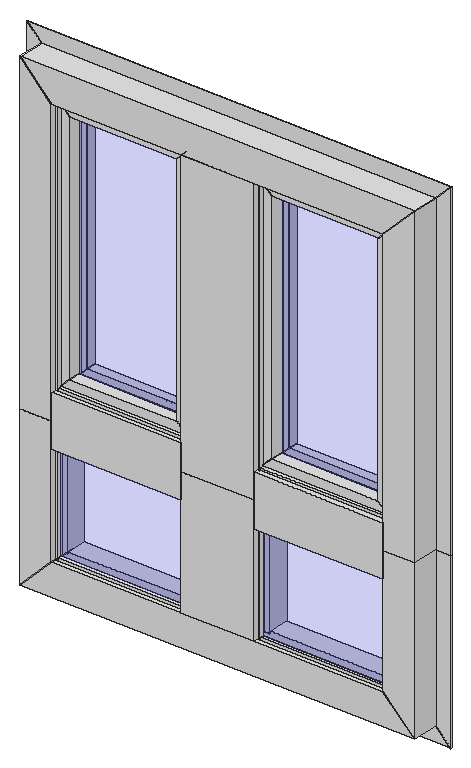
Revit family "511_CC-AT_nailfin", category Windows, host Wall, Revit 2016
Family settings
  Host = Wall
  OmniClass Number = 23.30.20.00
  OmniClass Title = Windows
  Always vertical = Yes
  Cut with Voids When Loaded = No
  Shared = No
  Room Calculation Point = No
Parameters (values of type "30x36")
  VBS = 1 / 2 * Width  # 15"
  MLW3 = 1 / 8 * (Height - HBS)  # 1 1/2"
  MLW2 = 2.844"
  MLW1 = 3.281"
  MLH = 1 / 2 * HBS  # 12"
  Interior Color [instance] = White
  Height = 36"
  HBS = 24"
  Exterior Color [instance] = White
  Default Sill Height = 31.49606"
  Wall Closure = By host
  Width = 30"
Reference planes (in)
  plane 1 "Center (Front/Back)": y = 0
  plane 2 "Center (Left/Right)": x = 0
  plane 3 "Left": x = -15
  plane 4 "Right": x = 15
  plane 5 "Sill": z = 31.49606
  plane 6 "Head": z = 67.49606
  plane 7 "Exterior": y = 3.93701
  plane 8 "Interior": y = -3.93701
  plane 9 "Front of wall": y = 3.93701
  plane 10 "HBS": z = 43.49606
  plane 11 "VBS": x = 0
  plane 12: x = -12.2505
  plane 13: x = -3.12012
  plane 14: x = 3.12688
  plane 15: x = 12.2515
  plane 16: x = -2.438
  plane 17: x = 2.436
  plane 18: x = -12.939
  plane 19: x = 12.938
  plane 20: z = 33.55906
  plane 21: z = 41.87406
  plane 22: z = 45.83806
  plane 23: z = 64.71506
  plane 24: x = -11.7505
  plane 25: x = -3.62112
  plane 26: x = 3.62788
  plane 27: x = 11.7505
  plane 28 "Front of glass": y = 4.19401
Forms (in)
  Extrusion 1, solid, material "White" <- "Interior Color"
    sketch origin (0, 0, 67.49606) x (0, -1, 0) y (1, 0, 0)
      loop
        line (-5.10257, -14.98) -> (-5.07401, -15) -> (-4.01201, -15) -> (-4.01201, -16.125) -> (-3.93701, -16.125) -> (-3.93701, -15) -> (-1.88701, -15) -> (-1.88701, -12.625) -> (-2.26201, -12.625) -> (-2.26201, -12.437) -> (-2.56201, -12.437) -> (-2.56201, -11.7505) -> (-3.44951, -11.7505) -> (-3.44951, -12.2505) -> (-4.19401, -12.2505) -> (-4.19401, -11.7882) -> (-4.23201, -11.8125) -> (-4.97201, -11.8125) -> (-4.97201, -12.3755) -> (-5.01201, -12.3755) -> (-5.01201, -14.37911) -> (-5.38701, -14.43181) -> (-5.38701, -15.02) -> (-5.26201, -15.02) -> (-5.26201, -14.98) -> (-5.10257, -14.98)
    from 1.125 to -24
  Extrusion 2, solid, material "White" <- "Interior Color"
    sketch origin (0, 0, 67.49606) x (0, -1, 0) y (1, 0, 0)
      loop
        line (-5.01201, -0.99251) -> (-5.01201, -2.99612) -> (-4.97201, -3.02375) -> (-4.97201, -3.55912) -> (-4.23201, -3.55912) -> (-4.19401, -3.58342) -> (-4.19401, -3.12012) -> (-3.44951, -3.12012) -> (-3.44951, -3.62112) -> (-2.56201, -3.62112) -> (-2.56201, -2.93462) -> (-2.26201, -2.93462) -> (-2.26201, -2.74662) -> (-1.88701, -2.74662) -> (-1.88701, 2.75338) -> (-2.26201, 2.75338) -> (-2.26201, 2.94138) -> (-2.56201, 2.94138) -> (-2.56201, 3.62788) -> (-3.44951, 3.62788) -> (-3.44951, 3.12688) -> (-4.19401, 3.12688) -> (-4.19401, 3.59018) -> (-4.23201, 3.56588) -> (-4.97201, 3.56588) -> (-4.97201, 3.00288) -> (-5.01201, 3.00288) -> (-5.01201, 0.99927) -> (-5.38701, 0.94657) -> (-5.38701, -0.94657) -> (-5.01201, -0.99251)
    from -24 to 0
  Extrusion 3, solid, material "White" <- "Interior Color"
    sketch origin (0, 0, 67.49606) x (0, -1, 0) y (1, 0, 0)
      loop
        line (-5.10865, 14.98) -> (-5.26201, 14.98) -> (-5.26201, 15.02) -> (-5.38701, 15.02) -> (-5.38701, 14.43181) -> (-5.01201, 14.37911) -> (-5.01201, 12.3755) -> (-4.97201, 12.34787) -> (-4.97201, 11.8125) -> (-4.23201, 11.8125) -> (-4.19401, 11.7882) -> (-4.19401, 12.2515) -> (-3.44951, 12.2515) -> (-3.44951, 11.7505) -> (-2.51251, 11.7505) -> (-2.51251, 12.437) -> (-2.26201, 12.437) -> (-2.26201, 12.625) -> (-1.88701, 12.625) -> (-1.88701, 15) -> (-3.93701, 15) -> (-3.93701, 16.125) -> (-4.01201, 16.125) -> (-4.01201, 15) -> (-5.07401, 15) -> (-5.10865, 14.98)
    from 1.125 to -24
  Extrusion 4, solid, material "White" <- "Interior Color"
    sketch origin (0, 0, 31.49606) x (0, -1, 0) y (1, 0, 0)
      loop
        line (-5.10257, -14.98) -> (-5.07401, -15) -> (-4.01201, -15) -> (-4.01201, -16.125) -> (-3.93701, -16.125) -> (-3.93701, -15) -> (-1.88701, -15) -> (-1.88701, -12.625) -> (-2.26201, -12.625) -> (-2.26201, -12.437) -> (-2.51251, -12.439) -> (-2.51251, -12.939) -> (-3.25701, -12.939) -> (-3.25701, -12.43565) -> (-4.78995, -12.43565) -> (-4.78995, -14.3479) -> (-5.38701, -14.43181) -> (-5.38701, -15.02) -> (-5.26201, -15.02) -> (-5.26201, -14.98) -> (-5.10257, -14.98)
    from -1.125 to 12
  Extrusion 5, solid, material "White" <- "Interior Color"
    sketch origin (0, 0, 31.49606) x (0, -1, 0) y (1, 0, 0)
      loop
        line (-4.78995, -1.0271) -> (-4.78995, -2.94135) -> (-3.25701, -2.94135) -> (-3.25701, -2.438) -> (-2.51251, -2.438) -> (-2.51251, -2.938) -> (-2.26201, -2.938) -> (-2.26201, -2.75) -> (-1.88701, -2.75) -> (-1.88701, 2.75) -> (-2.26201, 2.74879) -> (-2.26201, 2.938) -> (-2.51251, 2.936) -> (-2.51251, 2.436) -> (-3.25701, 2.436) -> (-3.25701, 2.93935) -> (-4.78987, 2.93935) -> (-4.78987, 1.02711) -> (-5.38701, 0.94319) -> (-5.38701, -0.94319) -> (-4.78995, -1.0271)
    from 12 to 0
  Extrusion 6, solid, material "White" <- "Interior Color"
    sketch origin (0, 0, 31.49606) x (0, -1, 0) y (1, 0, 0)
      loop
        line (-5.1169, 14.98) -> (-5.26201, 14.98) -> (-5.26201, 15.02) -> (-5.38701, 15.02) -> (-5.38701, 14.43181) -> (-4.78995, 14.3479) -> (-4.78995, 12.43365) -> (-3.25701, 12.43365) -> (-3.25701, 12.938) -> (-2.51251, 12.938) -> (-2.51251, 12.437) -> (-2.26201, 12.437) -> (-2.26201, 12.625) -> (-1.88701, 12.625) -> (-1.88701, 15) -> (-3.93701, 15) -> (-3.93701, 16.125) -> (-4.01201, 16.125) -> (-4.01201, 15) -> (-5.07401, 15) -> (-5.1169, 14.98)
    from -1.125 to 12
  Extrusion 7, solid, material "White" <- "Interior Color"
    sketch origin (0, 0, 0) x (0, 1, 0) y (0, 0, 1)
      loop
        line (5.10865, 31.51606) -> (5.26201, 31.51606) -> (5.26201, 31.47606) -> (5.38701, 31.47606) -> (5.38701, 32.06425) -> (4.78987, 32.14817) -> (4.78987, 34.06228) -> (3.25701, 34.06228) -> (3.25701, 33.55906) -> (2.51251, 33.55906) -> (2.51251, 34.05906) -> (2.26201, 34.05906) -> (2.26201, 33.87106) -> (1.88701, 33.87106) -> (1.88701, 31.49606) -> (3.93701, 31.49606) -> (3.93701, 30.37106) -> (4.01201, 30.37106) -> (4.01201, 31.49606) -> (5.07401, 31.49606) -> (5.10865, 31.51606)
    from -16.125 to 16.125
  Extrusion 8, solid, material "White" <- "Interior Color"
    sketch origin (0, 0, 0) x (0, 1, 0) y (0, 0, 1)
      loop
        line (1.88701, 45.43406) -> (1.88701, 41.56006) -> (2.26201, 41.56006) -> (2.26201, 41.37071) -> (2.51251, 41.37071) -> (2.51251, 41.87406) -> (3.25701, 41.87406) -> (3.25701, 41.37071) -> (4.78995, 41.37071) -> (4.78995, 43.28297) -> (5.30701, 43.35563) -> (5.30701, 43.6365) -> (5.01201, 43.67995) -> (5.01201, 45.71506) -> (4.97201, 45.71506) -> (4.97201, 46.27806) -> (4.23201, 46.27806) -> (4.19401, 46.30236) -> (4.19401, 45.83806) -> (3.44951, 45.83806) -> (3.44951, 46.27806) -> (2.56201, 46.27806) -> (2.56201, 45.62206) -> (2.26201, 45.62206) -> (2.26201, 45.43406) -> (1.88701, 45.43406)
    from 15 to -15
  Extrusion 9, solid, material "White" <- "Interior Color"
    sketch origin (0, 0, 0) x (0, 1, 0) y (0, 0, 1)
      loop
        line (5.10257, 67.47606) -> (5.07401, 67.49606) -> (4.01201, 67.49606) -> (4.01201, 68.62106) -> (3.93701, 68.62106) -> (3.93701, 67.49606) -> (1.88701, 67.49606) -> (1.88701, 65.12106) -> (2.26201, 65.12106) -> (2.26201, 64.93306) -> (2.56201, 64.93306) -> (2.56201, 64.21506) -> (3.44951, 64.21506) -> (3.44951, 64.71506) -> (4.19401, 64.71506) -> (4.19401, 64.25274) -> (4.23197, 64.27697) -> (4.97201, 64.27697) -> (4.97201, 64.84006) -> (5.01201, 64.84006) -> (5.01201, 66.87528) -> (5.38701, 66.92787) -> (5.38701, 67.51606) -> (5.26201, 67.51606) -> (5.26201, 67.47606) -> (5.10257, 67.47606)
    from -16.125 to 16.125
  Sweep 10, void
    path in 3D
      loop
        line (13.17075, 10.88071, 67.49606) -> (13.17075, 3.93701, 67.49606)
    profile origin (13.17075, 7.40886, 67.49606) x (1, 0, 0) y (0, 0, 1)
      loop
        line (3.54739, 1.71815) -> (-2.70261, -4.53185) -> (3.54739, -4.53185) -> (3.54739, 1.71815)
  Sweep 11, void
    path in 3D
      loop
        line (13.17075, 10.88071, 67.49606) -> (13.17075, 3.93701, 67.49606)
    profile origin (13.17075, 7.40886, 67.49606) x (1, 0, 0) y (0, 0, 1)
      loop
        line (3.40665, 1.5774) -> (-2.70261, 1.5774) -> (-2.70261, -4.53185) -> (3.40665, 1.5774)
  Sweep 12, void
    path in 3D
      loop
        line (-1.37003, 11.0544, 67.49606) -> (-1.37003, 3.93701, 67.49606)
    profile origin (-1.37003, 7.4957, 67.49606) x (1, 0, 0) y (0, 0, 1)
      loop
        line (-2.89704, -3.92695) -> (5.67536, -3.92695) -> (2.3166, -0.56819) -> (0.46172, -0.56819) -> (-2.89704, -3.92695)
  Sweep 13, void
    path in 3D
      loop
        line (-1.37003, 11.0544, 67.49606) -> (-1.37003, 3.93701, 67.49606)
    profile origin (-1.37003, 7.4957, 67.49606) x (1, 0, 0) y (0, 0, 1)
      loop
        line (-2.93212, -3.96203) -> (0.46172, -0.56819) -> (2.3166, -0.56819) -> (5.19525, -3.44684) -> (5.19525, 2.90913) -> (-2.93212, 2.90913) -> (-2.93212, -3.96203)
  Sweep 14, void
    path in 3D
      loop
        line (-10.97699, 10.03798, 67.49606) -> (-10.97699, 3.93701, 67.49606)
    profile origin (-10.97699, 6.98749, 67.49606) x (1, 0, 0) y (0, 0, 1)
      loop
        line (-6, 1.97699) -> (0, -4.02301) -> (0, 1.97699) -> (-6, 1.97699)
  Sweep 15, void
    path in 3D
      loop
        line (-10.97699, 10.03798, 67.49606) -> (-10.97699, 3.93701, 67.49606)
    profile origin (-10.97699, 6.98749, 67.49606) x (1, 0, 0) y (0, 0, 1)
      loop
        line (-5.69826, 1.67525) -> (-5.69826, -3.82475) -> (-0.19826, -3.82475) -> (-5.69826, 1.67525)
  Sweep 16, void
    path in 3D
      loop
        line (-10.22699, 10.03798, 31.49606) -> (-10.22699, 3.93701, 31.49606)
    profile origin (-10.22699, 6.98749, 31.49606) x (1, 0, 0) y (0, 0, 1)
      loop
        line (-7.19826, -2.42525) -> (-0.94826, -2.42525) -> (-0.94826, 2.56621) -> (-4.12089, 2.56621) -> (-4.12089, 0.65211) -> (-7.19826, -2.42525)
  Sweep 17, void
    path in 3D
      loop
        line (-10.22699, 10.03798, 31.49606) -> (-10.22699, 3.93701, 31.49606)
    profile origin (-10.22699, 6.98749, 31.49606) x (1, 0, 0) y (0, 0, 1)
      loop
        line (-7.12503, -2.35203) -> (-4.12089, 0.65211) -> (-4.12089, 3.64797) -> (-7.12503, 3.64797) -> (-7.12503, -2.35203)
  Sweep 18, void
    path in 3D
      loop
        line (13.73886, 10.73342, 31.49606) -> (13.73886, 3.93701, 31.49606)
    profile origin (13.73886, 7.33521, 31.49606) x (1, 0, 0) y (0, 0, 1)
      loop
        line (0.60889, 0.65211) -> (0.60889, 2.56621) -> (-2.17869, 2.56621) -> (-2.17869, -2.56031) -> (3.82131, -2.56031) -> (0.60889, 0.65211)
  Sweep 19, void
    path in 3D
      loop
        line (13.73886, 10.73342, 31.49606) -> (13.73886, 3.93701, 31.49606)
    profile origin (13.73886, 7.33521, 31.49606) x (1, 0, 0) y (0, 0, 1)
      loop
        line (0.60889, 0.65211) -> (3.1142, -1.8532) -> (3.1142, 3.1468) -> (0.60889, 3.1468) -> (0.60889, 0.65211)
  Sweep 20, void
    path in 3D
      loop
        line (14.01239, 10.60718, 43.49606) -> (14.01239, 3.93701, 43.49606)
    profile origin (14.01239, 7.27209, 43.49606) x (1, 0, 0) y (0, 0, 1)
      loop
        line (-2.89836, 3.48047) -> (-2.89836, -2.12292) -> (0.33551, -2.12292) -> (0.33551, -0.2131) -> (0.41942, -0.12919) -> (0.41942, 0.16269) -> (-2.89836, 3.48047)
  Extrusion 21, void
    sketch origin (0, 3.93701, 0) x (1, 0, 0) y (0, 0, 1)
      loop
        line (-11.42787, 46.6627) -> (-15.2708, 46.6627) -> (-15.2708, 41.1627) -> (-12.437, 41.1627) -> (-12.437, 41.56006) -> (-12.625, 41.56006) -> (-12.625, 45.43406) -> (-12.437, 45.43406) -> (-12.437, 45.65356) -> (-11.42787, 46.6627)
    from 0 to 12
  Extrusion 22, void
    sketch origin (0, 3.93701, 0) x (1, 0, 0) y (0, 0, 1)
      loop
        line (-10.23614, 47.85443) -> (-12.437, 45.65356) -> (-12.437, 44.46556) -> (-10.23614, 44.46556) -> (-10.23614, 47.85443)
    from 0 to 12
  Extrusion 23, void
    sketch origin (0, 3.93701, 0) x (1, 0, 0) y (0, 0, 1)
      loop
        line (-4.09549, 46.81443) -> (-2.93462, 45.65356) -> (-2.93462, 45.43406) -> (-2.74662, 45.43406) -> (-2.74662, 41.56006) -> (-2.938, 41.56006) -> (-2.938, 41.25575) -> (2.93935, 41.25575) -> (2.93935, 41.56006) -> (2.75, 41.56006) -> (2.75, 45.43406) -> (2.94138, 45.43406) -> (2.94138, 45.65356) -> (4.10225, 46.81443) -> (-4.09549, 46.81443)
    from 0 to 12
  Extrusion 24, void
    sketch origin (0, 3.93701, 0) x (1, 0, 0) y (0, 0, 1)
      loop
        line (-3.93462, 46.65356) -> (-3.93462, 45.43406) -> (-2.93462, 45.43406) -> (-2.93462, 45.65356) -> (-3.93462, 46.65356)
    from 0 to 12
  Extrusion 25, void
    sketch origin (0, 3.93701, 0) x (1, 0, 0) y (0, 0, 1)
      loop
        line (4.06265, 46.77483) -> (2.94138, 45.65356) -> (2.94138, 45.43406) -> (4.06265, 45.43406) -> (4.06265, 46.77483)
    from 0 to 12
  Extrusion 26, void
    sketch origin (0, 3.93701, 0) x (1, 0, 0) y (0, 0, 1)
      loop
        line (10.93101, 47.15955) -> (12.437, 45.65356) -> (12.437, 45.43406) -> (12.625, 45.43406) -> (12.625, 41.56006) -> (12.437, 41.56006) -> (12.437, 41.15955) -> (15.93495, 41.15955) -> (15.93495, 47.15955) -> (10.93101, 47.15955)
    from 0 to 12
  Extrusion 27, void
    sketch origin (0, 3.93701, 0) x (1, 0, 0) y (0, 0, 1)
      loop
        line (11.11913, 46.97143) -> (11.11913, 45.43406) -> (12.437, 45.43406) -> (12.437, 45.65356) -> (11.11913, 46.97143)
    from 0 to 12
  Extrusion 28, void
    sketch origin (0, 3.93701, 0) x (1, 0, 0) y (0, 0, 1)
      loop
        line (-3.87098, 63.96521) -> (-2.93462, 64.90156) -> (-2.93462, 65.12106) -> (2.94138, 65.12106) -> (2.94138, 64.90156) -> (3.94138, 63.90156) -> (3.94138, 68.84856) -> (-3.87098, 68.84856) -> (-3.87098, 63.96521)
    from 0 to 12
  Extrusion 29, void
    sketch origin (0, 3.93701, 0) x (1, 0, 0) y (0, 0, 1)
      loop
        line (-4.35061, 63.48558) -> (-2.37498, 63.48558) -> (-2.37498, 65.12106) -> (-2.93462, 65.12106) -> (-2.93462, 64.90156) -> (-4.35061, 63.48558)
    from 0 to 12
  Extrusion 30, void
    sketch origin (0, 3.93701, 0) x (1, 0, 0) y (0, 0, 1)
      loop
        line (4.35902, 63.48392) -> (2.94138, 64.90156) -> (2.94138, 65.12106) -> (2.35227, 65.12106) -> (2.35227, 63.48392) -> (4.35902, 63.48392)
    from 0 to 12
  Extrusion 31, void
    sketch origin (0, 3.93701, 0) x (1, 0, 0) y (0, 0, 1)
      loop
        line (-2.938, 34.42637) -> (-2.938, 33.87106) -> (2.938, 33.87106) -> (2.938, 34.42637) -> (-2.938, 34.42637)
    from 0 to 12
  Extrusion 32, void
    sketch origin (0, 3.93701, 0) x (1, 0, 0) y (0, 0, 1)
      loop
        line (-3.67362, 33.87106) -> (-3.67362, 29.62106) -> (3.57638, 29.62106) -> (3.57638, 33.87106) -> (-3.67362, 33.87106)
    from 0 to 12
  Extrusion 33, void
    sketch origin (0, 3.93701, 0) x (1, 0, 0) y (0, 0, 1)
      loop
        line (12.43365, 34.48805) -> (12.43365, 33.87106) -> (12.625, 33.87106) -> (17.55829, 28.93777) -> (17.55829, 34.48805) -> (12.43365, 34.48805)
    from 0 to 12
  Extrusion 34, void
    sketch origin (0, 3.93701, 0) x (1, 0, 0) y (0, 0, 1)
      loop
        line (17.56031, 28.93575) -> (12.625, 33.87106) -> (11.875, 33.87106) -> (11.875, 28.93575) -> (17.56031, 28.93575)
    from 0 to 12
  Extrusion 35, void
    sketch origin (0, 3.93701, 0) x (1, 0, 0) y (0, 0, 1)
      loop
        line (-12.43565, 34.34821) -> (-17.53086, 34.34821) -> (-17.53086, 28.9652) -> (-12.625, 33.87106) -> (-12.43565, 33.87106) -> (-12.43565, 34.34821)
    from 0 to 12
  Extrusion 36, void
    sketch origin (0, 3.93701, 0) x (1, 0, 0) y (0, 0, 1)
      loop
        line (-12.02665, 33.87106) -> (-12.625, 33.87106) -> (-17.25, 29.24606) -> (-12.02665, 29.24606) -> (-12.02665, 33.87106)
    from 0 to 12
  Extrusion 37, void
    sketch origin (0, 3.93701, 0) x (1, 0, 0) y (0, 0, 1)
      loop
        line (-11.32161, 63.78617) -> (-12.437, 64.90156) -> (-12.437, 65.12106) -> (-12.625, 65.12106) -> (-16.93905, 69.43511) -> (-16.93905, 63.78617) -> (-11.32161, 63.78617)
    from 0 to 12
  Extrusion 38, void
    sketch origin (0, 3.93701, 0) x (1, 0, 0) y (0, 0, 1)
      loop
        line (-10.97699, 63.44156) -> (-10.97699, 70.26351) -> (-17.76744, 70.26351) -> (-12.625, 65.12106) -> (-12.437, 65.12106) -> (-12.437, 64.90156) -> (-10.97699, 63.44156)
    from 0 to 12
  Extrusion 39, void
    sketch origin (0, 3.93701, 0) x (1, 0, 0) y (0, 0, 1)
      loop
        line (11.33848, 63.80304) -> (18.69173, 63.80304) -> (18.69173, 71.1878) -> (12.625, 65.12106) -> (12.437, 65.12106) -> (12.437, 64.90156) -> (11.33848, 63.80304)
    from 0 to 12
  Extrusion 40, void
    sketch origin (0, 3.93701, 0) x (1, 0, 0) y (0, 0, 1)
      loop
        line (11.35412, 63.81868) -> (12.437, 64.90156) -> (12.437, 65.12106) -> (12.625, 65.12106) -> (17.26586, 69.76192) -> (11.35412, 69.76192) -> (11.35412, 63.81868)
    from 0 to 12
  Sweep 41, void
    path in 3D
      loop
        line (14.01239, 10.60718, 43.49606) -> (14.01239, 3.93701, 43.49606)
    profile origin (14.01239, 7.27209, 43.49606) x (1, 0, 0) y (0, 0, 1)
      loop
        line (-3.15602, 3.73813) -> (0.41942, 0.16269) -> (0.41942, -2.31096) -> (2.96457, -2.31096) -> (2.96457, 3.73813) -> (-3.15602, 3.73813)
  Sweep 42, void
    path in 3D
      loop
        line (1.47049, 10.57046, 43.49606) -> (1.47049, 3.93701, 43.49606)
    profile origin (1.47049, 7.25373, 43.49606) x (1, 0, 0) y (0, 0, 1)
      loop
        line (2.32785, 3.01446) -> (-0.5273, 0.15931) -> (-0.5273, -0.12919) -> (-0.44339, -0.2131) -> (-0.44339, -2.12535) -> (2.32785, -2.12535) -> (2.32785, 3.01446)
  Sweep 43, void
    path in 3D
      loop
        line (1.47049, 10.57046, 43.49606) -> (1.47049, 3.93701, 43.49606)
    profile origin (1.47049, 7.25373, 43.49606) x (1, 0, 0) y (0, 0, 1)
      loop
        line (2.39139, 3.078) -> (-5.32561, 3.078) -> (-2.4103, 0.16269) -> (-0.52392, 0.16269) -> (2.39139, 3.078)
  Sweep 44, void
    path in 3D
      loop
        line (1.47049, 10.57046, 43.49606) -> (1.47049, 3.93701, 43.49606)
    profile origin (1.47049, 7.25373, 43.49606) x (1, 0, 0) y (0, 0, 1)
      loop
        line (-5.82246, 3.57485) -> (-5.82246, -2.12812) -> (-2.49759, -2.12812) -> (-2.49759, -0.2131) -> (-2.41368, -0.12919) -> (-2.41368, 0.16607) -> (-5.82246, 3.57485)
  Sweep 45, void
    path in 3D
      loop
        line (-9.47699, 10.03798, 43.49606) -> (-9.47699, 3.93701, 43.49606)
    profile origin (-9.47699, 6.98749, 43.49606) x (1, 0, 0) y (0, 0, 1)
      loop
        line (-1.90211, 3.21539) -> (-4.90211, 0.21539) -> (-4.90211, 0.18389) -> (-4.95482, 0.14121) -> (-4.95482, -0.14043) -> (-4.87091, -0.21576) -> (-4.87091, -2.12535) -> (-1.90211, -2.12535) -> (-1.90211, 3.21539)
  Sweep 46, void
    path in 3D
      loop
        line (-9.47699, 10.03798, 43.49606) -> (-9.47699, 3.93701, 43.49606)
    profile origin (-9.47699, 6.98749, 43.49606) x (1, 0, 0) y (0, 0, 1)
      loop
        line (-2.01336, 3.10414) -> (-4.90211, 3.10414) -> (-4.90211, 0.21539) -> (-2.01336, 3.10414)
  Sweep 47, void
    path in 3D
      loop
        line (0.73406, 10.75983, 31.49606) -> (0.73406, 3.93701, 31.49606)
    profile origin (0.73406, 7.34842, 31.49606) x (1, 0, 0) y (0, 0, 1)
      loop
        line (2.81851, -2.28495) -> (2.81851, 2.56621) -> (0.29304, 2.56621) -> (0.29304, -0.02) -> (-1.76116, -0.02) -> (-1.76116, 2.56621) -> (-4.93149, 2.56621) -> (-4.93149, -2.28495) -> (2.81851, -2.28495)
  Extrusion 48, solid, material "Glass"
    sketch origin (0, 0, 0) x (0, 1, 0) y (0, 0, 1)
      loop
        line (4.19401, 64.71506) -> (3.44951, 64.71506) -> (3.44951, 45.83806) -> (4.19401, 45.83806) -> (4.19401, 64.71506)
    from -3.12012 to -12.2505
  Extrusion 49, solid, material "Glass"
    sketch origin (0, 0, 0) x (0, 1, 0) y (0, 0, 1)
      loop
        line (3.25701, 41.87406) -> (2.51251, 41.87406) -> (2.51251, 33.55906) -> (3.25701, 33.55906) -> (3.25701, 41.87406)
    from -2.438 to -12.939
  Extrusion 50, solid, material "Glass"
    sketch origin (0, 0, 0) x (0, 1, 0) y (0, 0, 1)
      loop
        line (3.25701, 41.87406) -> (2.51251, 41.87406) -> (2.51251, 33.55906) -> (3.25701, 33.55906) -> (3.25701, 41.87406)
    from 2.436 to 12.938
  Extrusion 51, solid, material "Glass"
    sketch origin (0, 0, 0) x (0, 1, 0) y (0, 0, 1)
      loop
        line (4.19401, 45.83806) -> (4.19401, 64.71506) -> (3.44951, 64.71506) -> (3.44951, 45.83806) -> (4.19401, 45.83806)
    from 3.12688 to 12.2515
Cuts and joins
  Sweep 11, Sweep 20, Extrusion 27, Extrusion 40 cuts Extrusion 3
  Sweep 10, Sweep 12, Sweep 15, Extrusion 29, Extrusion 30, Extrusion 37, Extrusion 39 cuts Extrusion 9
  Sweep 13, Extrusion 24, Extrusion 25, Extrusion 28, Sweep 42, Sweep 44 cuts Extrusion 2
  Sweep 14, Extrusion 22, Extrusion 38, Sweep 45 cuts Extrusion 1
  Sweep 16, Extrusion 36, Sweep 45 cuts Extrusion 4
  Sweep 17, Sweep 19, Extrusion 31, Extrusion 33, Extrusion 35 cuts Extrusion 7
  Sweep 18, Sweep 20, Extrusion 34 cuts Extrusion 6
  Extrusion 21, Extrusion 23, Extrusion 26, Sweep 41, Sweep 43, Sweep 46 cuts Extrusion 8
  Extrusion 32, Sweep 42, Sweep 44, Sweep 47 cuts Extrusion 5
Lines and regions (in)
  Opening 1
    outline origin (137.79528, -3.93701, 0) x (1, 0, 0) y (0, 0, 1)
      loop
        line (-122.79528, 31.49606) -> (-122.79528, 67.49606) -> (-152.79528, 67.49606) -> (-152.79528, 31.49606) -> (-122.79528, 31.49606)
  reference lines
    curve 1: line (-10.97699, 10.03798, 67.49606) -> (-10.97699, 3.93701, 67.49606)
    curve 2: line (-10.22699, 10.03798, 31.49606) -> (-10.22699, 3.93701, 31.49606)
    curve 3: line (-9.47699, 10.03798, 43.49606) -> (-9.47699, 3.93701, 43.49606)
    curve 4: line (-1.37003, 11.0544, 67.49606) -> (-1.37003, 3.93701, 67.49606)
    curve 5: line (0.73406, 10.75983, 31.49606) -> (0.73406, 3.93701, 31.49606)
    curve 6: line (1.47049, 10.57046, 43.49606) -> (1.47049, 3.93701, 43.49606)
    curve 7: line (13.17075, 10.88071, 67.49606) -> (13.17075, 3.93701, 67.49606)
    curve 8: line (13.73886, 10.73342, 31.49606) -> (13.73886, 3.93701, 31.49606)
    curve 9: line (14.01239, 10.60718, 43.49606) -> (14.01239, 3.93701, 43.49606)
    curve 28: line (3.62788, 3.93701, 64.21506) -> (11.7505, 3.93701, 55.49606)
    curve 29: line (11.7505, 3.93701, 55.49606) -> (3.62788, 3.93701, 46.34006)
    curve 30: line (-3.62112, 3.93701, 46.34006) -> (-11.7505, 3.93701, 55.49606)
    curve 31: line (-11.7505, 3.93701, 55.49606) -> (-3.62112, 3.93701, 64.21506)
    curve 36: line (10, 3.93701, 39.99606) -> (5, 3.93701, 39.99606)
    curve 37: line (10, 3.93701, 34.99606) -> (10, 3.93701, 39.99606)
    curve 38: line (5, 3.93701, 34.99606) -> (10, 3.93701, 34.99606)
    curve 39: line (5, 3.93701, 39.99606) -> (5, 3.93701, 34.99606)
    curve 43: line (7.5, 3.93701, 34.99606) -> (7.5, 3.93701, 41.49606)
    curve 44: line (10, 3.93701, 37.49606) -> (2.5, 3.93701, 37.49606)
    curve 45: line (-5, 3.93701, 39.99606) -> (-10, 3.93701, 39.99606)
    curve 46: line (-5, 3.93701, 34.99606) -> (-5, 3.93701, 39.99606)
    curve 47: line (-10, 3.93701, 34.99606) -> (-5, 3.93701, 34.99606)
    curve 48: line (-10, 3.93701, 39.99606) -> (-10, 3.93701, 34.99606)
    curve 52: line (-7.5, 3.93701, 34.99606) -> (-7.5, 3.93701, 41.49606)
    curve 53: line (-5, 3.93701, 37.49606) -> (-12.5, 3.93701, 37.49606)
    curve 58: line (10, 0, 39.99606) -> (5, 0, 39.99606)
    curve 59: line (10, 0, 34.99606) -> (10, 0, 39.99606)
    curve 60: line (5, 0, 34.99606) -> (10, 0, 34.99606)
    curve 61: line (5, 0, 39.99606) -> (5, 0, 34.99606)
    curve 62: line (7.5, 0, 34.99606) -> (7.5, 0, 42.49606)
    curve 63: line (10, 0, 37.49606) -> (3, 0, 37.49606)
    curve 67: line (-5, 0, 39.99606) -> (-10, 0, 39.99606)
    curve 68: line (-5, 0, 34.99606) -> (-5, 0, 39.99606)
    curve 69: line (-10, 0, 34.99606) -> (-5, 0, 34.99606)
    curve 70: line (-10, 0, 39.99606) -> (-10, 0, 34.99606)
    curve 71: line (-7.5, 0, 34.99606) -> (-7.5, 0, 42.49606)
    curve 72: line (-5, 0, 37.49606) -> (-12, 0, 37.49606)
  sketch lines
    curve 10: line (13.17075, 10.88071, 67.49606) -> (13.17075, 3.93701, 67.49606)
    curve 11: line (13.17075, 10.88071, 67.49606) -> (13.17075, 3.93701, 67.49606)
    curve 12: line (-1.37003, 11.0544, 67.49606) -> (-1.37003, 3.93701, 67.49606)
    curve 13: line (-1.37003, 11.0544, 67.49606) -> (-1.37003, 3.93701, 67.49606)
    curve 14: line (-10.97699, 10.03798, 67.49606) -> (-10.97699, 3.93701, 67.49606)
    curve 15: line (-10.97699, 10.03798, 67.49606) -> (-10.97699, 3.93701, 67.49606)
    curve 16: line (-10.22699, 10.03798, 31.49606) -> (-10.22699, 3.93701, 31.49606)
    curve 17: line (-10.22699, 10.03798, 31.49606) -> (-10.22699, 3.93701, 31.49606)
    curve 18: line (13.73886, 10.73342, 31.49606) -> (13.73886, 3.93701, 31.49606)
    curve 19: line (13.73886, 10.73342, 31.49606) -> (13.73886, 3.93701, 31.49606)
    curve 20: line (14.01239, 10.60718, 43.49606) -> (14.01239, 3.93701, 43.49606)
    curve 21: line (14.01239, 10.60718, 43.49606) -> (14.01239, 3.93701, 43.49606)
    curve 22: line (1.47049, 10.57046, 43.49606) -> (1.47049, 3.93701, 43.49606)
    curve 23: line (1.47049, 10.57046, 43.49606) -> (1.47049, 3.93701, 43.49606)
    curve 24: line (1.47049, 10.57046, 43.49606) -> (1.47049, 3.93701, 43.49606)
    curve 25: line (-9.47699, 10.03798, 43.49606) -> (-9.47699, 3.93701, 43.49606)
    curve 26: line (-9.47699, 10.03798, 43.49606) -> (-9.47699, 3.93701, 43.49606)
    curve 27: line (0.73406, 10.75983, 31.49606) -> (0.73406, 3.93701, 31.49606)
  model lines
    curve 32: line (-3.58342, 4.19401, 64.2555) -> (-11.7505, 4.19401, 55.49606)
    curve 33: line (-11.7505, 4.19401, 55.49606) -> (-3.62112, 4.19401, 46.34006)
    curve 34: line (3.62788, 4.19401, 46.34006) -> (11.7505, 4.19401, 55.49606)
    curve 35: line (11.7505, 4.19401, 55.49606) -> (3.62788, 4.19401, 64.21506)
    curve 40: line (10, 3.93701, 39.99606) -> (5, 3.93701, 34.99606)
    curve 41: line (5, 3.93701, 37.49606) -> (7.5, 3.93701, 39.99606)
    curve 42: line (7.5, 3.93701, 34.99606) -> (10, 3.93701, 37.49606)
    curve 49: line (-5, 3.93701, 39.99606) -> (-10, 3.93701, 34.99606)
    curve 50: line (-10, 3.93701, 37.49606) -> (-7.5, 3.93701, 39.99606)
    curve 51: line (-7.5, 3.93701, 34.99606) -> (-5, 3.93701, 37.49606)
  symbolic lines
    curve 54: line (-3.62112, 3.93701, 64.21506) -> (-11.7505, 3.93701, 55.49606)
    curve 55: line (-11.7505, 3.93701, 55.49606) -> (-3.62112, 3.93701, 46.34006)
    curve 56: line (3.62788, 3.93701, 46.34006) -> (11.7505, 3.93701, 55.49606)
    curve 57: line (11.7505, 3.93701, 55.49606) -> (3.62788, 3.93701, 64.21506)
    curve 64: line (7.5, 0, 34.99606) -> (10, 0, 37.49606)
    curve 65: line (7.5, 0, 39.99606) -> (5, 0, 37.49606)
    curve 66: line (5, 0, 34.99606) -> (10, 0, 39.99606)
    curve 73: line (-7.5, 0, 34.99606) -> (-5, 0, 37.49606)
    curve 74: line (-7.5, 0, 39.99606) -> (-10, 0, 37.49606)
    curve 75: line (-10, 0, 34.99606) -> (-5, 0, 39.99606)
Text (in)
  text "EXTERIOR" at (-77.29147, 52.45485, 0), in view "Ref. Level"
  text "INTERIOR" at (-78.01048, -32.21994, 0), in view "Ref. Level"
  text "Exterior" at (0, 36.36817, 115.8778), in view "Right"
  text "Exterior" at (0, 40.96394, 105.72475), in view "Left"
Dimensions and locks (in)
  equal spacing: plane 3 "Left", plane 2 "Center (Left/Right)", plane 4 "Right"
  "Width": plane 3 "Left" to plane 4 "Right"
  "Height": plane 5 "Sill" to plane 6 "Head"
  "Default Sill Height": plane 5 "Sill" to level
  locked: plane 7 "Exterior" to host wall at 0
  locked: plane 8 "Interior" to host wall
  "HBS": plane 10 "HBS" to plane 6 "Head"
  "VBS": plane 11 "VBS" to plane 4 "Right"
  locked: plane 15 to plane 4 "Right" at 2.7485
  locked: plane 11 "VBS" to plane 14 at 3.12688
  locked: plane 13 to plane 11 "VBS" at 3.12012
  locked: plane 3 "Left" to plane 12 at 2.7495
  locked: Extrusion 1 sketch curve to plane 3 "Left" at 1.125
  locked: Extrusion 1 sketch curve to plane 9 "Front of wall" at 2.05
  locked: Extrusion 1 sketch curve to Extrusion 1 sketch curve at 2.375
  locked: Extrusion 2 sketch curve to plane 9 "Front of wall" at 2.05
  locked: Extrusion 2 sketch curve to plane 11 "VBS" at 2.74662
  locked: plane 11 "VBS" to Extrusion 2 sketch curve at 2.75338
  equal spacing: Extrusion 2 sketch curve, plane 11 "VBS", Extrusion 2 sketch curve
  locked: Extrusion 3 sketch curve to plane 9 "Front of wall" at 2.05
  locked: plane 4 "Right" to Extrusion 3 sketch curve at 1.125
  locked: Extrusion 3 sketch curve to Extrusion 3 sketch curve at 2.375
  locked: plane 19 to plane 4 "Right" at 2.062
  locked: plane 11 "VBS" to plane 17 at 2.436
  locked: plane 16 to plane 11 "VBS" at 2.438
  locked: plane 3 "Left" to plane 18 at 2.061
  locked: Extrusion 4 sketch curve to plane 9 "Front of wall" at 2.05
  locked: Extrusion 4 sketch curve to Extrusion 4 sketch curve at 2.375
  locked: Extrusion 4 sketch curve to plane 3 "Left" at 1.125
  locked: Extrusion 5 sketch curve to plane 9 "Front of wall" at 2.05
  locked: Extrusion 5 sketch curve to plane 11 "VBS" at 2.75
  locked: plane 11 "VBS" to Extrusion 5 sketch curve at 2.75
  equal spacing: Extrusion 5 sketch curve, plane 11 "VBS", Extrusion 5 sketch curve
  locked: Extrusion 6 sketch curve to plane 9 "Front of wall" at 2.05
  locked: plane 4 "Right" to Extrusion 6 sketch curve at 1.125
  locked: Extrusion 6 sketch curve to Extrusion 6 sketch curve at 2.375
  locked: plane 23 to plane 6 "Head" at 2.781
  locked: plane 10 "HBS" to plane 22 at 2.342
  locked: plane 10 "HBS" to plane 21 at 1.622
  locked: plane 5 "Sill" to plane 20 at 2.063
  locked: Extrusion 7 sketch curve to plane 5 "Sill" at 1.125
  locked: plane 9 "Front of wall" to Extrusion 7 sketch curve at 2.05
  locked: Extrusion 7 sketch curve to Extrusion 7 sketch curve at 2.375
  locked: plane 9 "Front of wall" to Extrusion 8 sketch curve at 2.05
  locked: Extrusion 8 sketch curve to plane 10 "HBS" at 1.938
  locked: plane 10 "HBS" to Extrusion 8 sketch curve at 1.936
  equal spacing: Extrusion 8 sketch curve, plane 10 "HBS", Extrusion 8 sketch curve
  locked: plane 9 "Front of wall" to Extrusion 9 sketch curve at 2.05
  locked: Extrusion 9 sketch curve to Extrusion 9 sketch curve at 2.375
  locked: plane 6 "Head" to Extrusion 9 sketch curve at 1.125
  "MLH": curve 31 to plane 6 "Head"
  "MLH": plane 10 "HBS" to curve 30
  "MLH": plane 10 "HBS" to curve 28
  "MLW1": curve 31 to plane 6 "Head"
  "MLW1": curve 28 to plane 6 "Head"
  "MLW2": plane 10 "HBS" to curve 29
  "MLW2": plane 10 "HBS" to curve 30
  "MLH": curve 29 to plane 6 "Head"
  locked: plane 24 to plane 3 "Left" at 3.2495
  locked: plane 25 to plane 11 "VBS" at 3.62112
  locked: plane 11 "VBS" to plane 26 at 3.62788
  locked: plane 4 "Right" to plane 27 at 3.2495
  locked: plane 28 "Front of glass" to plane 9 "Front of wall" at 0.257
  equal spacing: curve 41, curve 40, curve 42
  locked: curve 37 to curve 39 at 5
  locked: curve 38 to curve 36 at 5
  equal spacing: curve 39, curve 43, curve 37
  equal spacing: curve 38, curve 44, curve 36
  equal spacing: curve 50, curve 49, curve 51
  locked: curve 46 to curve 48 at 5
  locked: curve 47 to curve 45 at 5
  equal spacing: curve 48, curve 52, curve 46
  equal spacing: curve 47, curve 53, curve 45
  equal spacing: plane 11 "VBS", curve 43, plane 4 "Right"
  equal spacing: plane 3 "Left", curve 52, plane 11 "VBS"
  equal spacing: plane 5 "Sill", curve 44, plane 10 "HBS"
  equal spacing: plane 5 "Sill", curve 53, plane 10 "HBS"
  locked: curve 59 to curve 61 at 5
  locked: curve 60 to curve 58 at 5
  equal spacing: curve 61, curve 62, curve 59
  equal spacing: curve 60, curve 63, curve 58
  locked: curve 61 to curve 65 at 2.5
  locked: curve 61 to curve 64 at 2.5
  locked: curve 64 to curve 60 at 2.5
  locked: curve 65 to curve 60 at 2.5
  locked: curve 59 to curve 66 at 5
  locked: curve 68 to curve 70 at 5
  locked: curve 69 to curve 67 at 5
  equal spacing: curve 70, curve 71, curve 68
  equal spacing: curve 69, curve 72, curve 67
  locked: curve 70 to curve 74 at 2.5
  locked: curve 70 to curve 73 at 2.5
  locked: curve 73 to curve 69 at 2.5
  locked: curve 74 to curve 69 at 2.5
  locked: curve 68 to curve 75 at 5
  equal spacing: plane 10 "HBS", curve 63, plane 5 "Sill"
  equal spacing: plane 10 "HBS", curve 72, plane 5 "Sill"
  equal spacing: plane 3 "Left", curve 71, plane 11 "VBS"
  equal spacing: plane 11 "VBS", curve 62, plane 4 "Right"
  aligned and locked: plane 9 "Front of wall" to host wall
  aligned and locked: plane 12 to Extrusion 1 sketch curve
  aligned and locked: Extrusion 1 sketch curve to plane 3 "Left"  (x2)
  aligned and locked: Extrusion 1 sketch curve to plane 9 "Front of wall"
  aligned and locked: Extrusion 2 sketch curve to plane 14
  aligned and locked: plane 13 to Extrusion 2 sketch curve
  aligned and locked: plane 15 to Extrusion 3 sketch curve
  aligned and locked: plane 9 "Front of wall" to Extrusion 3 sketch curve
  aligned and locked: Extrusion 3 sketch curve to plane 4 "Right"  (x2)
  aligned and locked: Extrusion 4 sketch curve to plane 3 "Left"  (x2)
  aligned and locked: Extrusion 4 sketch curve to plane 9 "Front of wall"
  aligned and locked: plane 18 to Extrusion 4 sketch curve
  aligned and locked: plane 16 to Extrusion 5 sketch curve
  aligned and locked: Extrusion 5 sketch curve to plane 17
  aligned and locked: plane 19 to Extrusion 6 sketch curve
  aligned and locked: plane 9 "Front of wall" to Extrusion 6 sketch curve
  aligned and locked: Extrusion 6 sketch curve to plane 4 "Right"  (x2)
  aligned and locked: Extrusion 7 sketch curve to plane 5 "Sill"  (x2)
  aligned and locked: plane 20 to Extrusion 7 sketch curve
  aligned and locked: Extrusion 7 sketch curve to plane 9 "Front of wall"
  aligned and locked: Extrusion 8 sketch curve to plane 21
  aligned and locked: plane 22 to Extrusion 8 sketch curve
  aligned and locked: Extrusion 9 sketch curve to plane 6 "Head"  (x2)
  aligned and locked: plane 9 "Front of wall" to Extrusion 9 sketch curve
  aligned and locked: plane 23 to Extrusion 9 sketch curve
  aligned and locked: plane 10 "HBS" to Extrusion 5
  aligned and locked: plane 5 "Sill" to Extrusion 5
  aligned and locked: Extrusion 2 to plane 10 "HBS"
  aligned and locked: Extrusion 2 to plane 6 "Head"
  aligned and locked: plane 3 "Left" to Extrusion 8
  aligned and locked: Extrusion 7 to Extrusion 4
  aligned and locked: Extrusion 7 to Extrusion 6
  aligned and locked: Extrusion 1 to Extrusion 9  (x2)
  aligned and locked: Extrusion 9 to Extrusion 3  (x2)
  aligned and locked: Extrusion 8 to plane 4 "Right"
  aligned and locked: Extrusion 4 to Extrusion 7
  aligned and locked: Extrusion 6 to Extrusion 7
  aligned and locked: plane 10 "HBS" to Extrusion 6
  aligned and locked: plane 10 "HBS" to Extrusion 4
  aligned and locked: Extrusion 1 to plane 10 "HBS"
  aligned and locked: Extrusion 3 to plane 10 "HBS"
  aligned and locked: plane 9 "Front of wall" to curve 9
  aligned and locked: plane 9 "Front of wall" to curve 8
  aligned and locked: plane 9 "Front of wall" to curve 7
  aligned and locked: plane 9 "Front of wall" to curve 6
  aligned and locked: plane 9 "Front of wall" to curve 5
  aligned and locked: plane 9 "Front of wall" to curve 4
  aligned and locked: plane 9 "Front of wall" to curve 3
  aligned and locked: plane 9 "Front of wall" to curve 2
  aligned and locked: plane 9 "Front of wall" to curve 1
  aligned and locked: Extrusion 48 sketch curve to plane 22
  aligned and locked: Extrusion 48 sketch curve to plane 23
  aligned and locked: plane 20 to Extrusion 49 sketch curve
  aligned and locked: plane 21 to Extrusion 49 sketch curve
  aligned and locked: plane 21 to Extrusion 50 sketch curve
  aligned and locked: plane 20 to Extrusion 50 sketch curve
  aligned and locked: plane 22 to Extrusion 51 sketch curve
  aligned and locked: Extrusion 51 sketch curve to plane 23
  aligned and locked: plane 18 to Extrusion 49
  aligned and locked: Extrusion 49 to plane 16
  aligned and locked: plane 17 to Extrusion 50
  aligned and locked: Extrusion 50 to plane 19
  aligned and locked: plane 12 to Extrusion 48
  aligned and locked: Extrusion 48 to plane 13
  aligned and locked: plane 14 to Extrusion 51
  aligned and locked: Extrusion 51 to plane 15
  aligned and locked: plane 27 to curve 28
  aligned and locked: plane 27 to curve 29
  aligned and locked: plane 26 to curve 28
  aligned and locked: plane 26 to curve 29
  aligned and locked: plane 25 to curve 31
  aligned and locked: plane 25 to curve 30
  aligned and locked: plane 24 to curve 31
  aligned and locked: plane 24 to curve 30
  aligned and locked: curve 32 to curve 31
  aligned and locked: curve 33 to curve 30
  aligned and locked: curve 34 to curve 29
  aligned and locked: curve 35 to curve 28
  aligned and locked: curve 36 to curve 39
  aligned and locked: curve 39 to curve 39
  aligned and locked: curve 37 to curve 37
  aligned and locked: curve 39 to curve 40
  aligned and locked: curve 40 to curve 36
  aligned and locked: curve 36 to curve 41
  aligned and locked: curve 39 to curve 41
  aligned and locked: curve 38 to curve 42
  aligned and locked: curve 37 to curve 42
  aligned and locked: curve 45 to curve 48
  aligned and locked: curve 48 to curve 48
  aligned and locked: curve 46 to curve 46
  aligned and locked: curve 48 to curve 49
  aligned and locked: curve 49 to curve 45
  aligned and locked: curve 45 to curve 50
  aligned and locked: curve 48 to curve 50
  aligned and locked: curve 47 to curve 51
  aligned and locked: curve 46 to curve 51
  aligned and locked: curve 57 to curve 28
  aligned and locked: curve 56 to curve 29
  aligned and locked: curve 55 to curve 30
  aligned and locked: curve 54 to curve 31
  aligned and locked: curve 58 to curve 61
  aligned and locked: curve 61 to curve 61
  aligned and locked: curve 59 to curve 59
  aligned and locked: curve 61 to curve 65
  aligned and locked: curve 60 to curve 64
  aligned and locked: curve 59 to curve 64
  aligned and locked: curve 58 to curve 65
  aligned and locked: curve 59 to curve 66
  aligned and locked: curve 66 to curve 60
  aligned and locked: curve 67 to curve 70
  aligned and locked: curve 70 to curve 70
  aligned and locked: curve 68 to curve 68
  aligned and locked: curve 70 to curve 74
  aligned and locked: curve 69 to curve 73
  aligned and locked: curve 68 to curve 73
  aligned and locked: curve 67 to curve 74
  aligned and locked: curve 68 to curve 75
  aligned and locked: curve 75 to curve 69
Automatic sketch dimensions
  curve 3 to curve 3 = 6.10097"
  curve 6 to curve 6 = 6.63345"
  curve 9 to curve 9 = 6.67017"
  curve 3 to plane 12 = 2.77351"
  curve 1 to plane 12 = 1.27351"
  host wall to curve 1 = 6.10097"
  curve 7 to plane 19 = 0.23275"
  host wall to curve 7 = 6.9437"
  curve 4 to plane 16 = 1.06797"
  host wall to curve 4 = 7.11739"
  plane 17 to curve 6 = 0.96551"
  plane 4 "Right" to curve 9 = 0.98761"
  curve 2 to plane 12 = 2.02351"
  host wall to curve 2 = 6.10097"
  curve 8 to plane 19 = 0.80086"
  host wall to curve 8 = 6.79641"
  curve 5 to plane 11 "VBS" = 0.73406"
  host wall to curve 5 = 6.82282"
  profile plane to Sweep 10 sketch curve = 2.70261"
  Sweep 10 sketch curve to profile plane = 4.53185"
  Sweep 10 sketch curve to profile plane = 3.54739"
  profile plane to Sweep 10 sketch curve = 1.71815"
  profile plane to Sweep 11 sketch curve = 2.70261"
  Sweep 11 sketch curve to profile plane = 4.53185"
  profile plane to Sweep 11 sketch curve = 1.5774"
  Sweep 11 sketch curve to profile plane = 3.40665"
  Sweep 12 sketch curve to profile plane = 0.46172"
  Sweep 12 sketch curve to profile plane = 0.56819"
  Sweep 12 sketch curve to Sweep 12 sketch curve = 1.85488"
  profile plane to Sweep 12 sketch curve = 2.89704"
  Sweep 12 sketch curve to Sweep 12 sketch curve = 3.35876"
  Sweep 12 sketch curve to profile plane = 3.92695"
  Sweep 13 sketch curve to profile plane = 0.46172"
  Sweep 13 sketch curve to profile plane = 0.56819"
  Sweep 13 sketch curve to Sweep 13 sketch curve = 1.85488"
  Sweep 13 sketch curve to Sweep 13 sketch curve = 2.87865"
  Sweep 13 sketch curve to profile plane = 3.44684"
  profile plane to Sweep 13 sketch curve = 2.90913"
  profile plane to Sweep 13 sketch curve = 2.93212"
  Sweep 13 sketch curve to profile plane = 3.96203"
  profile plane to Sweep 14 sketch curve = 0"
  Sweep 14 sketch curve to profile plane = 4.02301"
  profile plane to Sweep 14 sketch curve = 6"
  profile plane to Sweep 14 sketch curve = 1.97699"
  profile plane to Sweep 15 sketch curve = 0.19826"
  Sweep 15 sketch curve to profile plane = 3.82475"
  profile plane to Sweep 15 sketch curve = 1.67525"
  profile plane to Sweep 15 sketch curve = 5.69826"
  profile plane to Sweep 20 sketch curve = 2.89836"
  Sweep 20 sketch curve to profile plane = 0.33551"
  profile plane to Sweep 20 sketch curve = 0.16269"
  Sweep 20 sketch curve to Sweep 20 sketch curve = 0.08391"  (x2)
  Sweep 20 sketch curve to profile plane = 2.12292"
  profile plane to Sweep 20 sketch curve = 3 123/256"
  Sweep 20 sketch curve to profile plane = 0.12919"
  Sweep 41 sketch curve to profile plane = 0.41942"
  Sweep 41 sketch curve to Sweep 41 sketch curve = 2.54515"
  Sweep 41 sketch curve to profile plane = 2.31096"
  profile plane to Sweep 41 sketch curve = 0.16269"
  profile plane to Sweep 41 sketch curve = 3.15602"
  profile plane to Sweep 41 sketch curve = 3.73813"
  profile plane to Sweep 43 sketch curve = 0.16269"
  profile plane to Sweep 43 sketch curve = 2.4103"
  profile plane to Sweep 43 sketch curve = 0.52392"
  Sweep 43 sketch curve to Sweep 43 sketch curve = 2.91531"
  Sweep 43 sketch curve to profile plane = 2.39139"
  profile plane to Sweep 43 sketch curve = 3.078"
  Sweep 44 sketch curve to profile plane = 2.12812"
  profile plane to Sweep 44 sketch curve = 5.82246"
  profile plane to Sweep 44 sketch curve = 2.49759"
  profile plane to Sweep 44 sketch curve = 0.16607"
  Sweep 44 sketch curve to Sweep 44 sketch curve = 0.08391"
  profile plane to Sweep 44 sketch curve = 3.57485"
  Sweep 44 sketch curve to profile plane = 0.2131"
  Sweep 44 sketch curve to profile plane = 0.12919"
  profile plane to Sweep 42 sketch curve = 0.44339"
  Sweep 42 sketch curve to profile plane = 2.32785"
  Sweep 42 sketch curve to profile plane = 2.12535"
  Sweep 42 sketch curve to profile plane = 0.2131"
  profile plane to Sweep 42 sketch curve = 3.01446"
  Sweep 42 sketch curve to Sweep 42 sketch curve = 0.08391"
  Sweep 42 sketch curve to profile plane = 0.12919"
  profile plane to Sweep 42 sketch curve = 0.15931"
  profile plane to Sweep 45 sketch curve = 0.14121"
  profile plane to Sweep 45 sketch curve = 4.95482"
  Sweep 45 sketch curve to Sweep 45 sketch curve = 0.0527"
  Sweep 45 sketch curve to Sweep 45 sketch curve = 0.08391"
  profile plane to Sweep 45 sketch curve = 1.90211"
  Sweep 45 sketch curve to profile plane = 0.14043"
  Sweep 45 sketch curve to Sweep 45 sketch curve = 0.07533"
  Sweep 45 sketch curve to profile plane = 2.12535"
  Sweep 45 sketch curve to Sweep 45 sketch curve = 0.04268"
  Sweep 45 sketch curve to Sweep 45 sketch curve = 0.0315"
  profile plane to Sweep 45 sketch curve = 3.21539"
  profile plane to Sweep 46 sketch curve = 0.21539"
  profile plane to Sweep 46 sketch curve = 4.90211"
  Sweep 46 sketch curve to Sweep 46 sketch curve = 2.88875"
  profile plane to Sweep 46 sketch curve = 3.10414"
  Sweep 47 sketch curve to profile plane = 0.02"
  Sweep 47 sketch curve to profile plane = 2.28495"
  profile plane to Sweep 47 sketch curve = 4.93149"
  profile plane to Sweep 47 sketch curve = 1.76116"
  Sweep 47 sketch curve to profile plane = 0.29304"
  Sweep 47 sketch curve to profile plane = 2.81851"
  profile plane to Sweep 47 sketch curve = 2.56621"  (x2)
  Extrusion 48 sketch curve to host wall = 0.4875"
  Extrusion 51 sketch curve to host wall = 0.4875"
  Sweep 19 sketch curve to profile plane = 3.1142"
  Sweep 19 sketch curve to profile plane = 1.8532"
  Sweep 19 sketch curve to profile plane = 0.60889"
  profile plane to Sweep 19 sketch curve = 0.65211"
  Sweep 19 sketch curve to Sweep 19 sketch curve = 2.49469"
  profile plane to Sweep 18 sketch curve = 2.17869"
  Sweep 18 sketch curve to profile plane = 0.60889"
  Sweep 18 sketch curve to profile plane = 3.82131"
  Sweep 18 sketch curve to profile plane = 2.56031"
  profile plane to Sweep 18 sketch curve = 0.65211"
  profile plane to Sweep 18 sketch curve = 2.56621"
  Sweep 16 sketch curve to profile plane = 2.42525"
  profile plane to Sweep 16 sketch curve = 7.19826"
  profile plane to Sweep 16 sketch curve = 0.65211"
  profile plane to Sweep 16 sketch curve = 4.12089"
  profile plane to Sweep 16 sketch curve = 0.94826"
  profile plane to Sweep 16 sketch curve = 2.56621"
  Sweep 17 sketch curve to profile plane = 2.35203"
  Sweep 17 sketch curve to Sweep 17 sketch curve = 3.00414"
  profile plane to Sweep 17 sketch curve = 0.65211"
  profile plane to Sweep 17 sketch curve = 4.12089"
  Sweep 17 sketch curve to Sweep 17 sketch curve = 2.99586"
  plane 3 "Left" to Opening 1 sketch curve = 0"
  plane 4 "Right" to Opening 1 sketch curve = 0"
  Opening 1 sketch curve to plane 5 "Sill" = 0"
  Opening 1 sketch curve to plane 6 "Head" = 0"
  Extrusion 1 sketch curve to plane 28 "Front of glass" = 0"
  Extrusion 1 sketch curve to plane 24 = 0"
  plane 28 "Front of glass" to Extrusion 1 sketch curve = 0.038"
  Extrusion 1 sketch curve to plane 24 = 0.062"
  Extrusion 1 sketch curve to Extrusion 1 sketch curve = 0.74001"
  plane 28 "Front of glass" to Extrusion 1 sketch curve = 0.818"
  Extrusion 1 sketch curve to Extrusion 1 sketch curve = 0.062"
  Extrusion 1 sketch curve to plane 3 "Left" = 0.02"
  Extrusion 1 sketch curve to Extrusion 1 sketch curve = 0.02856"
  Extrusion 1 sketch curve to Extrusion 1 sketch curve = 0.15944"
  Extrusion 1 sketch curve to plane 3 "Left" = 0.56819"
  Extrusion 1 sketch curve to Extrusion 1 sketch curve = 3/8"
  Extrusion 1 sketch curve to Extrusion 1 sketch curve = 0.075"
  Extrusion 1 sketch curve to Extrusion 1 sketch curve = 0.8875"
  Extrusion 1 sketch curve to Extrusion 1 sketch curve = 0.3"
  plane 3 "Left" to Extrusion 1 sketch curve = 0.02"
  Extrusion 1 sketch curve to Extrusion 1 sketch curve = 0.0527"
  plane 12 to Extrusion 1 sketch curve = 0.1865"
  plane 12 to Extrusion 1 sketch curve = 1/8"
  Extrusion 1 sketch curve to plane 24 = 0.0377"
  Extrusion 2 sketch curve to plane 28 "Front of glass" = 0"  (x2)
  Extrusion 2 sketch curve to plane 26 = 0"
  Extrusion 2 sketch curve to plane 25 = 0"
  plane 28 "Front of glass" to Extrusion 2 sketch curve = 0.038"  (x2)
  Extrusion 2 sketch curve to plane 26 = 0.062"
  Extrusion 2 sketch curve to Extrusion 2 sketch curve = 0.74001"
  Extrusion 2 sketch curve to plane 13 = 0.09637"
  plane 28 "Front of glass" to Extrusion 2 sketch curve = 0.77801"
  plane 28 "Front of glass" to Extrusion 2 sketch curve = 0.818"
  Extrusion 2 sketch curve to Extrusion 2 sketch curve = 0.03999"
  Extrusion 2 sketch curve to Extrusion 2 sketch curve = 3/8"
  Extrusion 2 sketch curve to Extrusion 2 sketch curve = 0.8875"  (x2)
  Extrusion 2 sketch curve to Extrusion 2 sketch curve = 0.3"  (x2)
  plane 25 to Extrusion 2 sketch curve = 0.0377"
  Extrusion 2 sketch curve to Extrusion 2 sketch curve = 0.0243"
  Extrusion 2 sketch curve to Extrusion 2 sketch curve = 0.02763"
  Extrusion 2 sketch curve to plane 13 = 0.1855"
  Extrusion 2 sketch curve to plane 2 "Center (Left/Right)" = 0.99251"
  Extrusion 2 sketch curve to Extrusion 2 sketch curve = 0.04594"
  Extrusion 2 sketch curve to Extrusion 2 sketch curve = 0.0527"
  plane 14 to Extrusion 2 sketch curve = 0.1855"
  plane 14 to Extrusion 2 sketch curve = 0.124"
  Extrusion 2 sketch curve to plane 26 = 0.0377"
  Extrusion 3 sketch curve to plane 28 "Front of glass" = 0"
  Extrusion 3 sketch curve to plane 27 = 0"
  plane 28 "Front of glass" to Extrusion 3 sketch curve = 0.038"
  plane 27 to Extrusion 3 sketch curve = 0.062"
  Extrusion 3 sketch curve to Extrusion 3 sketch curve = 0.74001"
  Extrusion 3 sketch curve to plane 15 = 0.124"
  Extrusion 3 sketch curve to Extrusion 3 sketch curve = 0.03999"
  Extrusion 3 sketch curve to Extrusion 3 sketch curve = 0.062"
  plane 4 "Right" to Extrusion 3 sketch curve = 0.02"
  Extrusion 3 sketch curve to Extrusion 3 sketch curve = 0.03464"
  Extrusion 3 sketch curve to plane 4 "Right" = 0.02"
  Extrusion 3 sketch curve to Extrusion 3 sketch curve = 0.15336"
  plane 4 "Right" to Extrusion 3 sketch curve = 0.56819"
  Extrusion 3 sketch curve to Extrusion 3 sketch curve = 3/8"
  host wall to Extrusion 3 sketch curve = 0.075"
  Extrusion 3 sketch curve to plane 15 = 0.1855"
  Extrusion 3 sketch curve to Extrusion 3 sketch curve = 0.6255"
  Extrusion 3 sketch curve to Extrusion 3 sketch curve = 0.2505"
  plane 27 to Extrusion 3 sketch curve = 0.0377"
  Extrusion 3 sketch curve to Extrusion 3 sketch curve = 0.02763"
  Extrusion 3 sketch curve to Extrusion 3 sketch curve = 0.0527"
  Extrusion 4 sketch curve to Extrusion 4 sketch curve = 0.075"
  plane 28 "Front of glass" to Extrusion 4 sketch curve = 0.59594"
  Extrusion 4 sketch curve to Extrusion 4 sketch curve = 0.28406"
  Extrusion 4 sketch curve to plane 3 "Left" = 0.02"
  Extrusion 4 sketch curve to Extrusion 4 sketch curve = 0.02856"
  Extrusion 4 sketch curve to Extrusion 4 sketch curve = 0.15944"
  Extrusion 4 sketch curve to plane 3 "Left" = 0.56819"
  Extrusion 4 sketch curve to Extrusion 4 sketch curve = 1/8"
  plane 12 to Extrusion 4 sketch curve = 0.18515"
  Extrusion 4 sketch curve to host wall = 0.68"
  Extrusion 4 sketch curve to Extrusion 4 sketch curve = 0.2505"
  plane 3 "Left" to Extrusion 4 sketch curve = 0.02"
  Extrusion 4 sketch curve to Extrusion 4 sketch curve = 0.08391"
  plane 12 to Extrusion 4 sketch curve = 0.1865"
  Extrusion 5 sketch curve to plane 17 = 0.31279"
  Extrusion 5 sketch curve to Extrusion 5 sketch curve = 3/8"  (x2)
  plane 14 to Extrusion 5 sketch curve = 0.19088"
  Extrusion 5 sketch curve to Extrusion 5 sketch curve = 0.2505"  (x2)
  plane 28 "Front of glass" to Extrusion 5 sketch curve = 0.59594"
  plane 14 to Extrusion 5 sketch curve = 0.18753"
  plane 28 "Front of glass" to Extrusion 5 sketch curve = 0.59587"
  Extrusion 5 sketch curve to Extrusion 5 sketch curve = 0.59706"
  Extrusion 5 sketch curve to plane 13 = 0.18212"
  Extrusion 5 sketch curve to plane 2 "Center (Left/Right)" = 1.0271"
  Extrusion 5 sketch curve to Extrusion 5 sketch curve = 0.08391"
  Extrusion 5 sketch curve to Extrusion 5 sketch curve = 0.08392"
  plane 14 to Extrusion 5 sketch curve = 0.18888"
  host wall to Extrusion 6 sketch curve = 0.075"
  plane 28 "Front of glass" to Extrusion 6 sketch curve = 0.59594"
  Extrusion 6 sketch curve to Extrusion 6 sketch curve = 0.28406"
  plane 4 "Right" to Extrusion 6 sketch curve = 0.02"
  Extrusion 6 sketch curve to Extrusion 6 sketch curve = 0.04289"
  Extrusion 6 sketch curve to Extrusion 6 sketch curve = 0.14511"
  plane 4 "Right" to Extrusion 6 sketch curve = 0.56819"
  Extrusion 6 sketch curve to Extrusion 6 sketch curve = 1/8"
  Extrusion 6 sketch curve to plane 15 = 0.18215"
  Extrusion 6 sketch curve to host wall = 0.68"
  Extrusion 6 sketch curve to Extrusion 6 sketch curve = 0.7445"
  Extrusion 6 sketch curve to Extrusion 6 sketch curve = 0.2505"
  Extrusion 6 sketch curve to Extrusion 6 sketch curve = 0.08391"
  Extrusion 6 sketch curve to plane 4 "Right" = 0.02"
  Extrusion 7 sketch curve to Extrusion 7 sketch curve = 3/8"
  Extrusion 7 sketch curve to Extrusion 7 sketch curve = 0.2505"
  Extrusion 7 sketch curve to Extrusion 7 sketch curve = 0.7445"
  Extrusion 7 sketch curve to Extrusion 7 sketch curve = 0.075"
  plane 28 "Front of glass" to Extrusion 7 sketch curve = 0.59587"
  Extrusion 7 sketch curve to Extrusion 7 sketch curve = 0.28413"
  Extrusion 7 sketch curve to plane 5 "Sill" = 0.02"
  Extrusion 7 sketch curve to Extrusion 7 sketch curve = 0.03464"
  Extrusion 7 sketch curve to Extrusion 7 sketch curve = 0.15336"
  plane 5 "Sill" to Extrusion 7 sketch curve = 0.02"
  Extrusion 7 sketch curve to Extrusion 7 sketch curve = 1/8"
  Extrusion 7 sketch curve to Extrusion 7 sketch curve = 0.54819"
  Extrusion 7 sketch curve to Extrusion 7 sketch curve = 0.08392"
  Extrusion 7 sketch curve to Extrusion 7 sketch curve = 0.188"
  Extrusion 8 sketch curve to plane 28 "Front of glass" = 0"
  Extrusion 8 sketch curve to Extrusion 8 sketch curve = 3/8"  (x2)
  Extrusion 8 sketch curve to Extrusion 8 sketch curve = 0.2505"
  Extrusion 8 sketch curve to Extrusion 8 sketch curve = 0.3"
  Extrusion 8 sketch curve to host wall = 0.4875"
  plane 28 "Front of glass" to Extrusion 8 sketch curve = 0.038"
  plane 28 "Front of glass" to Extrusion 8 sketch curve = 0.59594"
  plane 22 to Extrusion 8 sketch curve = 0.123"
  plane 28 "Front of glass" to Extrusion 8 sketch curve = 0.77801"
  plane 10 "HBS" to Extrusion 8 sketch curve = 0.18389"
  Extrusion 8 sketch curve to Extrusion 8 sketch curve = 0.22206"
  Extrusion 8 sketch curve to plane 10 "HBS" = 0.14043"
  Extrusion 8 sketch curve to Extrusion 8 sketch curve = 0.295"
  Extrusion 8 sketch curve to plane 10 "HBS" = 0.2131"
  plane 22 to Extrusion 8 sketch curve = 0.216"
  Extrusion 8 sketch curve to plane 22 = 0.44"  (x2)
  Extrusion 8 sketch curve to Extrusion 8 sketch curve = 0.0243"
  Extrusion 9 sketch curve to plane 28 "Front of glass" = 0"
  Extrusion 9 sketch curve to Extrusion 9 sketch curve = 3/8"
  Extrusion 9 sketch curve to Extrusion 9 sketch curve = 0.3"
  Extrusion 9 sketch curve to Extrusion 9 sketch curve = 0.075"
  plane 28 "Front of glass" to Extrusion 9 sketch curve = 0.03797"
  Extrusion 9 sketch curve to Extrusion 9 sketch curve = 0.74004"
  plane 28 "Front of glass" to Extrusion 9 sketch curve = 0.818"
  Extrusion 9 sketch curve to Extrusion 9 sketch curve = 0.062"
  Extrusion 9 sketch curve to Extrusion 9 sketch curve = 0.02856"
  plane 6 "Head" to Extrusion 9 sketch curve = 0.02"
  Extrusion 9 sketch curve to Extrusion 9 sketch curve = 0.15944"
  Extrusion 9 sketch curve to plane 6 "Head" = 0.02"
  Extrusion 9 sketch curve to Extrusion 9 sketch curve = 1/8"
  plane 23 to Extrusion 9 sketch curve = 0.43809"
  Extrusion 9 sketch curve to Extrusion 9 sketch curve = 0.02423"
  Extrusion 9 sketch curve to plane 23 = 1/8"
  Extrusion 9 sketch curve to Extrusion 9 sketch curve = 0.188"
  Extrusion 9 sketch curve to Extrusion 9 sketch curve = 0.60078"
  Extrusion 9 sketch curve to Extrusion 9 sketch curve = 0.05259"
  plane 3 "Left" to Extrusion 21 sketch curve = 0.2708"
  Extrusion 21 sketch curve to plane 18 = 0.314"
  plane 12 to Extrusion 21 sketch curve = 0.1865"  (x2)
  plane 24 to Extrusion 21 sketch curve = 0.32263"
  plane 21 to Extrusion 21 sketch curve = 0.71137"
  plane 21 to Extrusion 21 sketch curve = 0.314"
  plane 22 to Extrusion 21 sketch curve = 0.404"
  plane 22 to Extrusion 21 sketch curve = 0.1845"
  Extrusion 21 sketch curve to plane 22 = 0.82463"
  plane 12 to Extrusion 22 sketch curve = 0.1865"
  plane 24 to Extrusion 22 sketch curve = 1.51436"
